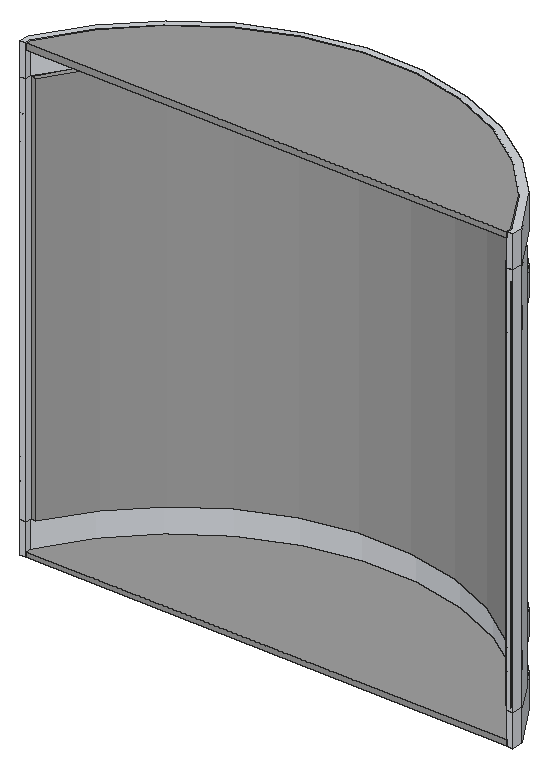
Revit family "1375", category Lighting Fixtures, Revit 2016
Family settings
  Part Type = Normal
  Round Connector Dimension = Use Diameter
  OmniClass Number = 23.80.70.00
  OmniClass Title = Lighting
  Work Plane-Based = No
  Always vertical = Yes
  Cut with Voids When Loaded = No
  Light Source = Yes
  Shared = No
  Room Calculation Point = No
Parameters
  Wattage = 12.1178 W
  built-in parameter 1150110 = 1 (stored number, unit not read)
  built-in parameter 1114217 = 1 (stored number, unit not read)
  built-in parameter 1150109 = 1 (stored number, unit not read)
  built-in parameter 1150134 = (empty or 0)
  built-in parameter 1150113 = 1 (stored number, unit not read)
  Lumens = 1800 lm
  built-in parameter 1150115 = 1 (stored number, unit not read)
  built-in parameter 1150105 = 143.24 (stored number, unit not read)
  Light Source Symbol Size = 2' - 0"
  built-in parameter 1150137 = (empty or 0)
  built-in parameter 1150139 = (empty or 0)
  built-in parameter 1150112 = 1 (stored number, unit not read)
  built-in parameter 1150114 = 1 (stored number, unit not read)
  built-in parameter 1150132 = 2
  built-in parameter 1150102 = (empty or 0)
  built-in parameter 1150138 = (empty or 0)
  built-in parameter 1150107 = 3000 (stored number, unit not read)
  built-in parameter 1150106 = 1.4324 (stored number, unit not read)
  built-in parameter 1150104 = 13.8 (stored number, unit not read)
  Dimming Lamp Color Temperature Shift = (empty or 0)
  Color Filter = 16777215
  built-in parameter 1114218 = 1 (stored number, unit not read)
  built-in parameter 1150133 = 10 (stored number, unit not read)
Reference planes (in)
  plane 1 "Light Source Axis (F/B)": y = 3.625
  plane 2: z = 0
  plane 3 "Light Source Axis (L/R)": x = 0
  plane 4 "Light Source Elevation": z = 5.75
  plane 5: z = 0.75
Forms (in)
  Extrusion 1, solid
    sketch origin (0, 0, 0) x (1, 0, 0) y (0, 1, 0)
      loop
        line (-5.75, 0) -> (-5.61408, 0) -> (-5.61408, 0.125)
        arc (-5.61408, 0.125) -> (-0.00327, 3.59588) -> (5.60753, 0.125) r 6.27048
        line (5.60753, 0.125) -> (5.60753, 0) -> (5.75, 0) -> (5.75, 0.25)
        arc (5.75, 0.25) -> (0, 3.75) -> (-5.75, 0.25) r 6.47321
        line (-5.75, 0.25) -> (-5.75, 0)
    from 0 to 0.75
  Extrusion 2, solid
    sketch origin (0, 0, 10.75) x (0, -1, 0) y (1, 0, 0)
      loop
        line (0, -5.75) -> (0, -5.61408) -> (-0.125, -5.61408)
        arc (-0.125, -5.61408) -> (-3.59588, -0.00327) -> (-0.125, 5.60753) r 6.27048
        line (-0.125, 5.60753) -> (0, 5.60753) -> (0, 5.75) -> (-0.25, 5.75)
        arc (-0.25, 5.75) -> (-3.75, 0) -> (-0.25, -5.75) r 6.47321
        line (-0.25, -5.75) -> (0, -5.75)
    from 0 to -0.75
  Extrusion 3, solid
    sketch origin (-4.86408, -180, 0.75) x (-1, 0, 0) y (0, -1, 0)
      loop
        line (-10.47161, -180.125) -> (-10.47161, -180) -> (-10.61408, -180) -> (-10.61408, -180.25)
        arc (-10.61408, -180.25) -> (-10.44007, -180.56477) -> (-10.24884, -180.86939) r 6.47321
        line (-10.24884, -180.86939) -> (-10.10776, -180.75881)
        arc (-10.10776, -180.75881) -> (-10.29893, -180.44721) -> (-10.47161, -180.125) r 6.27048
    from 0 to 9.25
  Extrusion 4, solid
    sketch origin (4.86408, -180, 0.75) x (1, 0, 0) y (0, 1, 0)
      loop
        arc (-10.47161, 180.125) -> (-10.29893, 180.44721) -> (-10.10776, 180.75881) r 6.27048
        line (-10.10776, 180.75881) -> (-10.24884, 180.86939)
        arc (-10.24884, 180.86939) -> (-10.44007, 180.56477) -> (-10.61408, 180.25) r 6.47321
        line (-10.61408, 180.25) -> (-10.61408, 180) -> (-10.47161, 180) -> (-10.47161, 180.125)
    from 0 to 9.25
  Extrusion 5, solid
    sketch origin (0, 0, 2) x (0, -1, 0) y (1, 0, 0)
      loop
        line (0, -5.75) -> (0, -5.61408) -> (-0.125, -5.61408)
        arc (-0.125, -5.61408) -> (-3.59588, -0.00327) -> (-0.125, 5.60753) r 6.27048
        line (-0.125, 5.60753) -> (0, 5.60753) -> (0, 5.75) -> (-0.25, 5.75)
        arc (-0.25, 5.75) -> (-3.75, 0) -> (-0.25, -5.75) r 6.47321
        line (-0.25, -5.75) -> (0, -5.75)
    from -0.46114 to 0.05814
  Extrusion 6, solid
    sketch origin (0, 0, 8.75) x (1, 0, 0) y (0, 1, 0)
      loop
        line (-5.75, 0) -> (-5.61408, 0) -> (-5.61408, 0.125)
        arc (-5.61408, 0.125) -> (-0.00327, 3.59588) -> (5.60753, 0.125) r 6.27048
        line (5.60753, 0.125) -> (5.60753, 0) -> (5.75, 0) -> (5.75, 0.25)
        arc (5.75, 0.25) -> (0, 3.75) -> (-5.75, 0.25) r 6.47321
        line (-5.75, 0.25) -> (-5.75, 0)
    from -0.11345 to 0.5
  Extrusion 7, solid
    sketch origin (-4.86408, -180, 0.75) x (-1, 0, 0) y (0, -1, 0)
      loop
        arc (-5.43599, -183.56944) -> (-5.70753, -183.53844) -> (-5.97745, -183.49565) r 6.27048
        line (-5.97745, -183.49565) -> (-6.01314, -183.6472)
        arc (-6.01314, -183.6472) -> (-5.73497, -183.69115) -> (-5.45515, -183.72296) r 6.47321
        line (-5.45515, -183.72296) -> (-5.43599, -183.56944)
    from 0 to 9.25
  Extrusion 8, solid
    sketch origin (4.86408, -180, 0.75) x (1, 0, 0) y (0, 1, 0)
      loop
        line (-5.43599, 183.56944) -> (-5.45515, 183.72296)
        arc (-5.45515, 183.72296) -> (-5.73497, 183.69115) -> (-6.01314, 183.6472) r 6.47321
        line (-6.01314, 183.6472) -> (-5.97745, 183.49565)
        arc (-5.97745, 183.49565) -> (-5.70753, 183.53844) -> (-5.43599, 183.56944) r 6.27048
    from 0 to 9.25
  Extrusion 9, solid, material "Acrylic-Brownlee"
    sketch origin (-4.86408, -180, 0.75) x (-1, 0, 0) y (0, -1, 0)
      loop
        line (0.74345, -180.125) -> (0.61845, -180.125)
        arc (0.61845, -180.125) -> (-4.86408, -183.48227) -> (-10.34661, -180.125) r 6.15521
        line (-10.34661, -180.125) -> (-10.47161, -180.125)
        arc (-10.47161, -180.125) -> (-4.86408, -183.59607) -> (0.74345, -180.125) r 6.26503
    from 0 to 9.25
  Extrusion 10, solid, material "Acrylic-Brownlee"
    sketch origin (0, 0, 0) x (1, 0, 0) y (0, 1, 0)
      loop
        line (-5.61408, 0) -> (5.60753, 0) -> (5.60753, 0.125)
        arc (5.60753, 0.125) -> (-0.00327, 3.59588) -> (-5.61408, 0.125) r 6.27048
        line (-5.61408, 0.125) -> (-5.61408, 0)
    from 0 to 0.125
  Extrusion 11, solid, material "Acrylic-Brownlee"
    sketch origin (0, 0, 12.40957) x (0, -1, 0) y (-1, 0, 0)
      loop
        line (0, 5.61408) -> (-0.125, 5.61408)
        arc (-0.125, 5.61408) -> (-3.59588, 0.00327) -> (-0.125, -5.60753) r 6.27048
        line (-0.125, -5.60753) -> (0, -5.60753) -> (0, 5.61408)
    from 1.79755 to 1.65957
Dimensions and locks (in)
  aligned and locked: plane 3 "Light Source Axis (L/R)" to imposter light
  aligned and locked: plane 1 "Light Source Axis (F/B)" to imposter light
  aligned and locked: plane 4 "Light Source Elevation" to imposter light
  aligned and locked: level to plane 2
